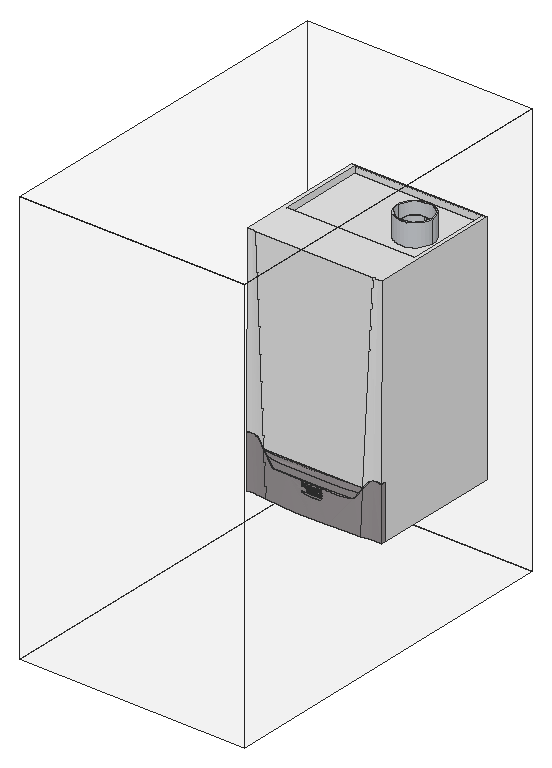
Revit family "Quinta Ace 135kW LOD 5", category Mechanical Equipment, Revit 2020
Family settings
  Round Connector Dimension = Use Radius
  Part Type = Normal
  OmniClass Number = 23.75.10.11.14.14
  OmniClass Title = Condensing Boilers
  Work Plane-Based = No
  Always vertical = Yes
  Cut with Voids When Loaded = No
  Shared = No
  Room Calculation Point = No
Parameters (values of type "135kW")
  Weekly = "0"
  Water Treatment Required = yes
  Water Content = 17.0 L
  Warranty ID = ""
  Voltage = 230 V
  Uniclass2015 = "Pr_60_60_08"
  URL = ""
  Type = "Space heating"
  Turndown Ratio = "5:1"
  Supply Phase = 1
  Starting Current = 0 A
  Sound Pressure Level = "59.5 dBA"
  Shipping Weight = 0.00 kg
  Shape = "Rectangular (Vertical)"
  Safety Valve Connection Type = ""
  Safety Valve Connection Size = 0 mm
  Responsible Sourcing of Materials = "N/A"
  Responsible Extraction of Materials = "N/A"
  Reference Standard = "EU/2016/426 GAR, EN 15502-1, EN 15502-2"
  Rated Output = 136100 W
  Rated Criteria = "50/30"
  Quarterly = "0"
  Product Range = "Quinta Ace 135"
  Product Model Number = "7780036"
  Product Literature = "https://www.remeha.co.uk/product-documents/current-literature"
  Primary Fuel = "Gas - NG"
  Overall Width = 600 mm
  Overall Length = 602 mm
  Overall Height = 1045 mm
  Optional Fuel = "Gas - LPG"
  Operation and Maintenance Manual = "https://www.remeha.co.uk/product-documents/current-literature"
  Oil Consumption rate = 0
  Nominal Oil Inlet Pressure = 0.0 bar
  Nominal Gas Inlet Pressure = 0.017 bar
  NOx Emissions = "24 mg/kWh"
  Mounting = "Wall Mounted"
  Monthly = "0"
  Model = ""
  Minimum Power Consumption = 5.3 W
  Minimum Operating Pressure = 0.8 bar
  Minimum Oil Inlet Pressure = 0.0 bar
  Minimum Gas Inlet Pressure = 0.017 bar
  Minimum Flow Rate at 20C temperature differential = 1.53 L/s
  Minimum Flow Rate at 11C temperature differential = 0.0 L/s
  Maximum Power Consumption = 199 W
  Maximum Operating Pressure = 4.0 bar
  Maximum Oil Inlet Pressure = 0.0 bar
  Maximum Gas Inlet Pressure = 0.025 bar
  Material Ingredient Reporting = "N/A"
  Manufacturer Website = "https://www.remeha.co.uk/"
  Manufacturer = "Remeha Commercial"
  Maintenance Required 8001 to 12000hrs = "0"
  Maintenance Required 601 to 1000hrs = "0"
  Maintenance Required 4001 to 8000hrs = "0"
  Maintenance Required 301 to 600hrs = "0"
  Maintenance Required 2001 to 4000hrs = "0"
  Maintenance Required 1001 to 2000hrs = "0"
  Maintenance Required 0 to 300hrs = "0"
  Location of Manufacturer = "N/A"
  Life Cycle Analysis = "N/A"
  Interlocks = yes
  IfcExportType = "NOTDEFINED"  # constant formula
  IfcExportAs = "IfcBoilerType"  # constant formula
  IP Rating = "X1B"
  IK Rating = "0"
  Hydraulic Resistance at 20C temperature differential = 0.17 bar
  Hydraulic Resistance at 11C temperature differential = 0.0 bar
  Heater Operation = "Condensing"
  Heat Exchanger Material = "Aluminium"
  Gross Weight = 164.00 kg
  Green Guide for Specification = "N/A"
  Gas Consumption rate = "13.9 m3/h"
  Fuse Rating = 6.3 A
  Full Load Current = 0 A
  Fuel Connection Type = "Threaded"
  Fuel Connection Size = 25 mm
  Frequency = 50 Hz
  Flue or Air Intake Classification = "B23p, C13, C33, C53"
  Flue Connection size = 100 mm
  Flow and Return Connection Type = "Threaded"
  Flow and Return Connection Size = 32 mm
  Finish = "High Polish Gardner 60 GRAD 91EH"
  Features = "The Quinta Ace range is a market leading series of versatile, wall hung condensing boilers designed for space heating and hot water production"
  External Material = "Steel"
  Expected Life = "15"
  ErP Seasonal Efficiency = "0 %"
  ErP Rated Efficiency at Part Load = "98.02 %"
  ErP Rated Efficiency at Full Load = "93.60 %"
  ErP Energy Label = "0"
  Environmental Product Declaration = "N/A"
  Energy Technology List = ""
  Embodied Carbon = "N/A"
  Drain Connection Type = ""
  Drain Connection Size = 0 mm
  Description = ""
  Default Elevation = 0 mm
  Daily = "0"
  Control Type = "0 - 10V, Open Therm, Volt free enable, Direct boiler weather compensating control systems available from Remeha as optional extra's."
  Configuration = "Single boiler"
  Condensate Drain Type = "Plain"
  Condensate Drain Size = 32 mm
  Colour = "RAL 9016"
  Clearance Box Visibility [instance] = yes
  Classification.Uniclass.Pr.Number = ""
  Classification.Uniclass.Pr.Description = ""
  CE Mark = "0063CQ3781"
  Burner Control Type = "Modulating"
  Building Regulations Seasonal Efficiency = "97.18 %"
  Bespoke Timeframe = "0"
  BMS Links = yes
  Annually = "06-02"
  Air Inlet Connection Size = 150 mm
  Additional Technical Details = "Not Available"
  Access Clearance Top = 500 mm
  Access Clearance Right = 30 mm
  Access Clearance Rear = 0 mm
  Access Clearance Left = 30 mm
  Access Clearance Front = 1000 mm
  Access Clearance Bottom = 300 mm
  6 Monthly = "06-02"
Reference planes
  plane 1 "Center (Front/Back)": y = 0
  plane 2: z = 0
  plane 3 "Center (Left/Right)": x = 0
  plane 4: y = -602
  plane 5: x = -300
  plane 6: x = 300
  plane 7 "TOP": z = 1045
  plane 8: y = -586.5
  plane 9: x = -212.5
  plane 10: x = 212.5
  plane 11: y = -585.8
  plane 12: x = -259
  plane 13: x = 259
  plane 14: y = -226
  plane 15: y = -139.143
  plane 16: y = -130.143
  plane 17: z = 100
  plane 18: y = -80
  plane 19: x = 190
  plane 20: x = 60
  plane 21: x = -125
  plane 22: z = -40
  plane 23: x = 0
  plane 24: z = 110
  plane 25: z = 1545
Forms (mm)
  Extrusion 1, solid, material "Color RGB 246-246-246", detail levels fine
    sketch origin (0, 0, 0) x (1, 0, 0) y (0, 1, 0)
      loop
        line (-300, -5) -> (-300, -602) -> (300, -602) -> (300, -5) -> (-300, -5)
    from 0 to 1045
  SweptBlend 2, void
    path origin (0, 0, 0) x (1, 0, 0) y (0, 0, 1)
      loop
        line (0, 0) -> (0, 1045)
    profile origin (0, 0, 0) x (-1, 0, 0) y (0, -1, 0)
      loop
        arc (212.5, 594.233) -> (256.046, 588.06) -> (300, 586.5) r 417.646
        line (300, 586.5) -> (310, 586.5) -> (310, 621.5) -> (-325, 621.5) -> (-325, 586.5) -> (-300, 586.5)
        arc (-300, 586.5) -> (-256.046, 588.06) -> (-212.5, 594.233) r 417.646
        arc (-212.5, 594.233) -> (0, 602) -> (212.5, 594.233) r 2910.976
    end profile origin (0, 0, 1045) x (-1, 0, 0) y (0, -1, 0)
      loop
        arc (259, 589.934) -> (279.376, 586.642) -> (300, 585.8) r 172.993
        line (300, 585.8) -> (310, 585.8) -> (310, 620.8) -> (-325, 620.8) -> (-325, 585.8) -> (-300, 585.8)
        arc (-300, 585.8) -> (-279.376, 586.642) -> (-259, 589.934) r 172.993
        arc (-259, 589.934) -> (0, 602) -> (259, 589.934) r 2785.878
  Extrusion 3, void
    sketch origin (0, 0, 0) x (1, 0, 0) y (0, 0, 1)
      loop
        line (0, 197.5) -> (-221.271, 197.5) -> (-242.845, 227.195)
        arc (-242.845, 227.195) -> (-251.721, 234.775) -> (-263.071, 237.5) r 25
        line (-263.071, 237.5) -> (-323.071, 237.5) -> (-323.071, -22.5) -> (0, -22.5) -> (323.071, -22.5) -> (323.071, 237.5) -> (263.071, 237.5)
        arc (263.071, 237.5) -> (251.721, 234.775) -> (242.845, 227.195) r 25
        line (242.845, 227.195) -> (221.271, 197.5) -> (0, 197.5)
    from 570.802 to 631.453
  Extrusion 4, solid, material "Color RGB 127-118-121", detail levels fine
    sketch origin (0, 0, 0) x (1, 0, 0) y (0, 0, 1)
      loop
        line (-263.071, 235.5) -> (-300, 235.5) -> (-300, 0) -> (300, 0) -> (300, 235.5) -> (263.071, 235.5)
        arc (263.071, 235.5) -> (252.629, 232.993) -> (244.464, 226.019) r 23
        line (244.464, 226.019) -> (186.185, 145.805)
        arc (186.185, 145.805) -> (177.309, 138.225) -> (165.959, 135.5) r 25
        line (165.959, 135.5) -> (0, 135.5) -> (-165.959, 135.5)
        arc (-165.959, 135.5) -> (-177.309, 138.225) -> (-186.185, 145.805) r 25
        line (-186.185, 145.805) -> (-244.464, 226.019)
        arc (-244.464, 226.019) -> (-252.629, 232.993) -> (-263.071, 235.5) r 23
      loop
        line (0, 195.5) -> (-219.818, 195.5) -> (-202.192, 171.24) -> (202.192, 171.24) -> (219.818, 195.5) -> (0, 195.5)
    from 570.802 to 613.181
  Extrusion 5, solid, material "Color RGB 127-118-121", detail levels fine
    sketch origin (0, 0, 0) x (1, 0, 0) y (0, 0, 1)
      loop
        arc (165.959, 137.5) -> (176.401, 140.007) -> (184.567, 146.981) r 23
        line (184.567, 146.981) -> (202.192, 171.24) -> (-202.192, 171.24) -> (-184.567, 146.981)
        arc (-184.567, 146.981) -> (-176.401, 140.007) -> (-165.959, 137.5) r 23
        line (-165.959, 137.5) -> (0, 137.5) -> (165.959, 137.5)
    from 578.899 to 594.851
  Extrusion 6, solid, material "Color RAL 9004", detail levels fine
    sketch origin (0, 0, 15) x (1, 0, 0) y (0, 0, 1)
      loop
        line (-45.689, 117.225) -> (-45.689, 115.733) -> (45.689, 115.733) -> (45.689, 117.225) -> (-45.689, 117.225)
      loop
        line (-45.689, 99.322) -> (45.689, 99.322) -> (45.689, 100.814) -> (-45.689, 100.814) -> (-45.689, 99.322)
      loop
        line (-42.232, 113.44) -> (-42.232, 102.409) -> (-31.039, 102.409) -> (-31.039, 106.738) -> (-28.425, 106.738)
        arc (-28.425, 106.738) -> (-27.322, 106.235) -> (-26.978, 105.073) r 1.461
        arc (-26.978, 105.073) -> (-26.978, 103.715) -> (-26.604, 102.409) r 4.881
        line (-26.604, 102.409) -> (-24.432, 102.409)
        arc (-24.432, 102.409) -> (-24.707, 103.981) -> (-24.792, 105.574) r 13.3
        arc (-24.792, 105.574) -> (-25.19, 106.864) -> (-26.258, 107.69) r 2.238
        arc (-26.258, 107.69) -> (-24.353, 110.991) -> (-27.272, 113.44) r 2.964
        line (-27.272, 113.44) -> (-31.039, 113.44) -> (-42.232, 113.44)
      loop
        line (-31.039, 111.54) -> (-31.039, 108.525) -> (-28.028, 108.525)
        arc (-28.028, 108.525) -> (-27.405, 108.752) -> (-27.074, 109.325) r 0.968
        arc (-27.074, 109.325) -> (-26.903, 110.083) -> (-27.092, 110.836) r 1.677
        arc (-27.092, 110.836) -> (-27.607, 111.351) -> (-28.311, 111.54) r 1.408
        line (-28.311, 111.54) -> (-31.039, 111.54)
      loop
        line (-40.203, 111.54) -> (-40.203, 104.458) -> (-33.123, 104.458) -> (-33.123, 111.54) -> (-40.203, 111.54)
      loop
        line (-13.528, 110.572) -> (-15.62, 110.572) -> (-15.62, 102.409) -> (-13.365, 102.409) -> (-13.365, 106.796)
        arc (-13.365, 106.796) -> (-12.951, 107.989) -> (-11.887, 108.669) r 1.926
        arc (-11.887, 108.669) -> (-11.126, 108.697) -> (-10.414, 108.427) r 1.926
        line (-10.414, 108.427) -> (-10.414, 110.774)
        arc (-10.414, 110.774) -> (-12.272, 110.526) -> (-13.528, 109.135) r 2.719
        line (-13.528, 109.135) -> (-13.528, 110.572)
      loop
        line (-7.667, 106.024) -> (-1.906, 106.024)
        arc (-1.906, 106.024) -> (-5.919, 110.761) -> (-9.79, 105.907) r 4.019
        arc (-9.79, 105.907) -> (-6.311, 102.274) -> (-2.08, 104.995) r 3.955
        line (-2.08, 104.995) -> (-4.034, 104.995)
        arc (-4.034, 104.995) -> (-6.302, 103.917) -> (-7.667, 106.024) r 1.904
      loop
        line (-7.679, 107.389) -> (-4.038, 107.389)
        arc (-4.038, 107.389) -> (-5.859, 109.21) -> (-7.679, 107.389) r 1.821
      loop
        line (1.995, 109.429) -> (1.995, 110.606) -> (-0.099, 110.606) -> (-0.099, 102.568) -> (2.082, 102.568) -> (2.082, 107.685)
        arc (2.082, 107.685) -> (3.516, 109.119) -> (4.95, 107.685) r 1.434
        line (4.95, 107.685) -> (4.95, 102.568) -> (7.133, 102.568) -> (7.133, 107.685)
        arc (7.133, 107.685) -> (8.538, 109.091) -> (9.943, 107.685) r 1.405
        line (9.943, 107.685) -> (9.943, 102.568) -> (12.094, 102.568) -> (12.094, 107.843)
        arc (12.094, 107.843) -> (12.13, 108.706) -> (11.801, 109.504) r 2.013
        arc (11.801, 109.504) -> (9.286, 110.82) -> (6.77, 109.504) r 3.062
        arc (6.77, 109.504) -> (4.361, 110.845) -> (1.995, 109.429) r 2.758
      loop
        line (16.165, 106.024) -> (21.927, 106.024)
        arc (21.927, 106.024) -> (17.914, 110.761) -> (14.043, 105.907) r 4.019
        arc (14.043, 105.907) -> (17.522, 102.274) -> (21.752, 104.995) r 3.955
        line (21.752, 104.995) -> (19.798, 104.995)
        arc (19.798, 104.995) -> (17.531, 103.917) -> (16.165, 106.024) r 1.904
      loop
        line (16.153, 107.389) -> (19.795, 107.389)
        arc (19.795, 107.389) -> (17.974, 109.21) -> (16.153, 107.389) r 1.821
      loop
        line (25.905, 113.632) -> (23.604, 113.632) -> (23.604, 102.61) -> (25.905, 102.61) -> (25.905, 107.389)
        arc (25.905, 107.389) -> (27.43, 109.266) -> (28.955, 107.389) r 1.558
        line (28.955, 107.389) -> (28.955, 102.61) -> (31.231, 102.61) -> (31.231, 108.077)
        arc (31.231, 108.077) -> (29.115, 110.834) -> (25.905, 109.504) r 2.854
        line (25.905, 109.504) -> (25.905, 113.632)
      loop
        line (33.183, 108.096) -> (35.391, 108.096)
        arc (35.391, 108.096) -> (35.631, 108.813) -> (36.269, 109.219) r 1.134
        arc (36.269, 109.219) -> (36.971, 109.332) -> (37.678, 109.25) r 2.595
        arc (37.678, 109.25) -> (38.3, 108.515) -> (37.815, 107.683) r 0.835
        arc (37.815, 107.683) -> (36.68, 107.319) -> (35.492, 107.231) r 5.066
        arc (35.492, 107.231) -> (34.329, 107) -> (33.404, 106.257) r 2.494
        arc (33.404, 106.257) -> (32.892, 104.606) -> (33.578, 103.018) r 2.494
        arc (33.578, 103.018) -> (34.993, 102.453) -> (36.517, 102.43) r 4.203
        arc (36.517, 102.43) -> (37.635, 102.802) -> (38.301, 103.774) r 1.849
        arc (38.301, 103.774) -> (38.375, 103.174) -> (38.552, 102.595) r 3.473
        line (38.552, 102.595) -> (40.746, 102.595)
        arc (40.746, 102.595) -> (40.502, 103.404) -> (40.42, 104.244) r 4.328
        line (40.42, 104.244) -> (40.42, 108.804)
        arc (40.42, 108.804) -> (39.887, 110.09) -> (38.601, 110.622) r 1.818
        arc (38.601, 110.622) -> (36.959, 110.806) -> (35.316, 110.622) r 7.451
        arc (35.316, 110.622) -> (33.826, 109.717) -> (33.183, 108.096) r 2.74
      loop
        arc (35.172, 105.313) -> (35.183, 104.593) -> (35.638, 104.034) r 1.099
        arc (35.638, 104.034) -> (36.384, 103.86) -> (37.141, 103.983) r 1.976
        arc (37.141, 103.983) -> (37.944, 104.606) -> (38.248, 105.576) r 1.7
        line (38.248, 105.576) -> (38.248, 106.748)
        arc (38.248, 106.748) -> (37.61, 106.256) -> (36.808, 106.167) r 1.491
        arc (36.808, 106.167) -> (35.848, 106.013) -> (35.172, 105.313) r 1.536
      loop
        arc (-20.742, 93.628) -> (-21.553, 93.292) -> (-21.89, 92.48) r 1.148
        line (-21.89, 92.48) -> (-21.89, 87.317)
        arc (-21.89, 87.317) -> (-21.553, 86.505) -> (-20.742, 86.169) r 1.148
        line (-20.742, 86.169) -> (-16.122, 86.169) -> (-15.083, 84.278) -> (-13.568, 85.111) -> (-14.321, 86.48) -> (-14.321, 92.48)
        arc (-14.321, 92.48) -> (-14.657, 93.292) -> (-15.469, 93.628) r 1.148
        line (-15.469, 93.628) -> (-20.742, 93.628)
      loop
        arc (-19.37, 92.343) -> (-20.182, 92.007) -> (-20.518, 91.195) r 1.148
        line (-20.518, 91.195) -> (-20.518, 88.702)
        arc (-20.518, 88.702) -> (-20.182, 87.891) -> (-19.37, 87.554) r 1.148
        line (-19.37, 87.554) -> (-16.878, 87.554)
        arc (-16.878, 87.554) -> (-16.067, 87.891) -> (-15.73, 88.702) r 1.148
        line (-15.73, 88.702) -> (-15.73, 91.195)
        arc (-15.73, 91.195) -> (-16.067, 92.007) -> (-16.878, 92.343) r 1.148
        line (-16.878, 92.343) -> (-19.37, 92.343)
      loop
        arc (-13.68, 87.317) -> (-13.344, 86.505) -> (-12.532, 86.169) r 1.148
        line (-12.532, 86.169) -> (-6.652, 86.169)
        arc (-6.652, 86.169) -> (-5.841, 86.505) -> (-5.504, 87.317) r 1.148
        line (-5.504, 87.317) -> (-5.504, 93.628) -> (-7.277, 93.628) -> (-7.277, 88.702)
        arc (-7.277, 88.702) -> (-7.613, 87.891) -> (-8.425, 87.554) r 1.148
        line (-8.425, 87.554) -> (-10.759, 87.554)
        arc (-10.759, 87.554) -> (-11.571, 87.891) -> (-11.907, 88.702) r 1.148
        line (-11.907, 88.702) -> (-11.907, 93.628) -> (-13.68, 93.628) -> (-13.68, 87.317)
      loop
        line (-0.558, 93.361) -> (-0.558, 86.48) -> (1.017, 86.48) -> (1.017, 91.639) -> (3.423, 86.48) -> (5.75, 86.48) -> (5.75, 93.361) -> (4.175, 93.361) -> (4.175, 88.202) -> (1.769, 93.361) -> (-0.558, 93.361)
      loop
        line (11.539, 91.718) -> (14.274, 91.718) -> (14.274, 93.361) -> (7.079, 93.361) -> (7.079, 91.718) -> (9.814, 91.718) -> (9.814, 86.48) -> (11.539, 86.48) -> (11.539, 91.718)
      loop
        line (17.19, 93.361) -> (13.465, 86.48) -> (15.783, 86.48) -> (16.53, 87.891) -> (20.624, 87.891) -> (21.371, 86.48) -> (23.881, 86.48) -> (19.937, 93.361) -> (17.19, 93.361)
      loop
        line (18.558, 91.764) -> (17.228, 89.18) -> (19.927, 89.18) -> (18.558, 91.764)
      loop
        line (-2.18, 93.628) -> (-3.953, 93.628) -> (-3.953, 86.169) -> (-2.18, 86.169) -> (-2.18, 93.628)
      loop
        line (29.989, 92.639) -> (26.759, 86.672) -> (28.769, 86.672) -> (29.539, 88.166) -> (32.156, 88.166) -> (32.925, 86.672) -> (34.865, 86.672) -> (31.705, 92.639) -> (29.989, 92.639)
      loop
        line (30.847, 91.255) -> (29.779, 89.18) -> (31.946, 89.18) -> (30.847, 91.255)
      loop
        line (39.369, 90.934) -> (39.369, 92.639) -> (37.663, 92.639)
        arc (37.663, 92.639) -> (34.679, 89.656) -> (37.663, 86.672) r 2.984
        line (37.663, 86.672) -> (39.369, 86.672) -> (39.369, 88.378) -> (37.646, 88.378)
        arc (37.646, 88.378) -> (36.368, 89.656) -> (37.646, 90.934) r 1.278
        line (37.646, 90.934) -> (39.369, 90.934)
      loop
        line (40.964, 92.639) -> (40.964, 86.672) -> (43.948, 86.672) -> (43.948, 87.865) -> (42.157, 87.865) -> (42.157, 89.059) -> (43.948, 89.059) -> (43.948, 90.252) -> (42.157, 90.252) -> (42.157, 91.446) -> (43.948, 91.446) -> (43.948, 92.639) -> (40.964, 92.639)
    from 600.389 to 603.257
  Extrusion 7, void
    sketch origin (0, 0, 0) x (1, 0, 0) y (0, 0, 1)
      loop
        line (50, 96.667) -> (-50, 96.667) -> (-37.835, 84.502) -> (37.835, 84.502) -> (50, 96.667)
    from 598.454 to 608.186
  Extrusion 8, void
    sketch origin (0, -5, 0) x (1, 0, 0) y (0, 1, 0)
      loop
        line (284, -2.5) -> (-284, -2.5) -> (-284, -383) -> (284, -383) -> (284, -2.5)
    from 1015 to 1075.078
  Extrusion 9, solid, material "Color RGB 127-118-121", detail levels fine
    sketch origin (0, 0, 0) x (0, 1, 0) y (0, 0, 1)
      loop
        line (-5, 1035.5) -> (-5, 1010.5) -> (-2, 1010.5) -> (-2, 989.5) -> (0, 989.5) -> (0, 1012.5) -> (-3, 1012.5) -> (-3, 1035.5) -> (-5, 1035.5)
    from -270 to 270
  Extrusion 10, void
    sketch origin (0, 0, 0) x (1, 0, 0) y (0, 0, 1)
      loop
        line (233.5, 1005) -> (233.5, 998)
        arc (233.5, 998) -> (236, 995.5) -> (238.5, 998) r 2.5
        line (238.5, 998) -> (238.5, 1005)
        arc (238.5, 1005) -> (236, 1007.5) -> (233.5, 1005) r 2.5
      loop
        line (17.5, 1005) -> (17.5, 998)
        arc (17.5, 998) -> (20, 995.5) -> (22.5, 998) r 2.5
        line (22.5, 998) -> (22.5, 1005)
        arc (22.5, 1005) -> (20, 1007.5) -> (17.5, 1005) r 2.5
      loop
        arc (-233.5, 1005) -> (-236, 1007.5) -> (-238.5, 1005) r 2.5
        line (-238.5, 1005) -> (-238.5, 998)
        arc (-238.5, 998) -> (-236, 995.5) -> (-233.5, 998) r 2.5
        line (-233.5, 998) -> (-233.5, 1005)
      loop
        arc (-17.5, 1005) -> (-20, 1007.5) -> (-22.5, 1005) r 2.5
        line (-22.5, 1005) -> (-22.5, 998)
        arc (-22.5, 998) -> (-20, 995.5) -> (-17.5, 998) r 2.5
        line (-17.5, 998) -> (-17.5, 1005)
    from -6.013 to 3.638
  Revolve 11, solid, material "Color RGB 127-118-121", detail levels fine
    sketch origin (157, 155.443, 1200) x (0, 1, 0) y (0, 0, 1)
      loop
        line (-310.315, -164.038) -> (-307.066, -172.965) -> (-281, -163.478) -> (-285.618, -150.792) -> (-295.954, -154.554) -> (-294.586, -158.313) -> (-310.315, -164.038)
      axis (-307.066, -172.965) -> (-281, -163.478)
    angle from 0 to 360
  Extrusion 12, void
    sketch origin (0, 0, 0) x (1, 0, 0) y (0, 1, 0)
      loop
        line (-242, -24) -> (-242, -543) -> (242, -543) -> (242, -24) -> (-242, -24)
    from -10.86 to 100
  Extrusion 13, solid, material "Color RGB 246-246-246", detail levels fine
    sketch origin (0, 0, 0) x (1, 0, 0) y (0, 1, 0)
      loop
        circle (190, -80) r 12.5
      loop
        circle (60, -80) r 16
      loop
        circle (-125, -80) r 16
      loop
        circle (0, -80) r 16
    from -40 to 110
  Extrusion 14, solid, detail levels coarse+medium
    sketch origin (-148, 155.443, 1200) x (0, 1, 0) y (0, 0, 1)
      loop
        line (-158.443, -187.5) -> (-158.443, -164.5) -> (-160.443, -164.5) -> (-160.443, -189.5) -> (-157.443, -189.5) -> (-157.443, -210.5) -> (-155.443, -210.5) -> (-155.443, -187.5) -> (-158.443, -187.5)
    from -122 to 418
  Extrusion 15, void
    sketch origin (0, 0, 0) x (1, 0, 0) y (0, 1, 0)
      loop
        circle (190, -80) r 30
      loop
        circle (60, -80) r 30
      loop
        circle (-125, -80) r 55.25
    from 100 to 110
  Extrusion 16, solid
    sketch origin (0, 0, 0) x (1, 0, 0) y (0, 1, 0)
      loop
        circle (157, -226) r 80
      loop
        circle (157, -226) r 75
    from 1015 to 1112.631
  Extrusion 17, solid, material "Glass - Clear - Amber", visible <- "Clearance Box Visibility"
    sketch origin (0, 0, 0) x (0, 1, 0) y (0, 0, 1)
      loop
        line (0, 1545) -> (-1600, 1545) -> (-1600, -300) -> (0, -300) -> (0, 1545)
    from -500 to 500
  Extrusion 18, solid
    sketch origin (0, 0, 1045) x (0, 1, 0) y (-1, 0, 0)
      loop
        circle (-226, -157) r 50
      loop
        circle (-226, -157) r 55
    from 0 to 25
Cuts and joins
  SweptBlend 2, Extrusion 3, Extrusion 8, Extrusion 12, Extrusion 15 cuts Extrusion 1
  SweptBlend 2, Extrusion 7 cuts Extrusion 4
  joined: Extrusion 4, Extrusion 5
  Extrusion 10 cuts Extrusion 9
Dimensions and locks
  plane 4 to plane 1 "Center (Front/Back)" = 602 mm
  plane 5 to plane 6 = 600 mm
  equal spacing: plane 5, plane 3 "Center (Left/Right)", plane 6
  plane 7 "TOP" to level = 1045 mm
  radius of Extrusion 13 sketch curve = 12.5 mm
  radius of Extrusion 13 sketch curve = 16 mm  (x2)
  aligned and locked: level to plane 2
  aligned and locked: Extrusion 13 to plane 22
  aligned and locked: plane 24 to Extrusion 13
  aligned and locked: plane 17 to Extrusion 12
Automatic sketch dimensions
  Extrusion 1 sketch curve to plane 4 = 0 mm
  Extrusion 1 sketch curve to plane 5 = 0 mm
  Extrusion 1 sketch curve to plane 6 = 0 mm
  plane 1 "Center (Front/Back)" to Extrusion 1 sketch curve = 5 mm
  SweptBlend 2 sketch curve to plane 3 "Center (Left/Right)" = 0 mm
  SweptBlend 2 sketch curve to level = 0 mm
  plane 7 "TOP" to SweptBlend 2 sketch curve = 0 mm
  SweptBlend 2 sketch curve to plane 8 = 0 mm  (x2)
  SweptBlend 2 sketch curve to plane 10 = 0 mm
  SweptBlend 2 sketch curve to profile plane = 0 mm  (x2)
  SweptBlend 2 sketch curve to plane 9 = 0 mm
  SweptBlend 2 sketch curve to plane 10 = 80.315 mm
  SweptBlend 2 sketch curve to plane 8 = 35 mm
  SweptBlend 2 sketch curve to plane 10 = 112.5 mm
  SweptBlend 2 sketch curve to plane 9 = 80.315 mm
  SweptBlend 2 sketch curve to plane 9 = 87.5 mm
  SweptBlend 2 sketch curve to SweptBlend 2 sketch curve = 10 mm
  SweptBlend 2 sketch curve to plane 1 "Center (Front/Back)" = 2308.976 mm
  SweptBlend 2 sketch curve to SweptBlend 2 sketch curve = 382.585 mm  (x2)
  SweptBlend 2 sketch curve to plane 11 = 0 mm  (x2)
  SweptBlend 2 sketch curve to plane 13 = 0 mm
  SweptBlend 2 sketch curve to plane 12 = 0 mm
  SweptBlend 2 sketch curve to plane 13 = 37.733 mm
  SweptBlend 2 sketch curve to plane 13 = 41 mm
  SweptBlend 2 sketch curve to SweptBlend 2 sketch curve = 25 mm
  SweptBlend 2 sketch curve to plane 12 = 37.733 mm
  SweptBlend 2 sketch curve to plane 12 = 51 mm
  SweptBlend 2 sketch curve to plane 1 "Center (Front/Back)" = 2183.878 mm
  SweptBlend 2 sketch curve to plane 11 = 35 mm
  SweptBlend 2 sketch curve to SweptBlend 2 sketch curve = 137.963 mm  (x2)
  Extrusion 3 sketch curve to plane 3 "Center (Left/Right)" = 0 mm  (x2)
  plane 5 to Extrusion 3 sketch curve = 78.729 mm
  Extrusion 3 sketch curve to Extrusion 3 sketch curve = 21.574 mm  (x2)
  Extrusion 3 sketch curve to Extrusion 3 sketch curve = 20.225 mm  (x2)
  Extrusion 3 sketch curve to plane 5 = 23.071 mm
  Extrusion 3 sketch curve to plane 6 = 78.729 mm
  plane 6 to Extrusion 3 sketch curve = 23.071 mm
  Extrusion 3 sketch curve to level = 22.5 mm
  level to Extrusion 3 sketch curve = 197.5 mm
  Extrusion 3 sketch curve to Extrusion 3 sketch curve = 15 mm  (x2)
  Extrusion 3 sketch curve to Extrusion 3 sketch curve = 14.695 mm  (x2)
  Extrusion 4 sketch curve to plane 5 = 0 mm
  Extrusion 4 sketch curve to plane 3 "Center (Left/Right)" = 0 mm  (x2)
  Extrusion 4 sketch curve to level = 0 mm
  Extrusion 4 sketch curve to plane 6 = 0 mm
  plane 5 to Extrusion 4 sketch curve = 36.929 mm
  Extrusion 4 sketch curve to Extrusion 4 sketch curve = 18.607 mm  (x2)
  Extrusion 4 sketch curve to Extrusion 4 sketch curve = 24.646 mm  (x2)
  Extrusion 4 sketch curve to Extrusion 4 sketch curve = 17.626 mm  (x2)
  Extrusion 4 sketch curve to Extrusion 4 sketch curve = 16.008 mm
  Extrusion 4 sketch curve to Extrusion 4 sketch curve = 20.225 mm  (x2)
  Extrusion 4 sketch curve to plane 6 = 134.041 mm
  Extrusion 4 sketch curve to Extrusion 4 sketch curve = 33.633 mm
  level to Extrusion 4 sketch curve = 135.5 mm
  Extrusion 4 sketch curve to Extrusion 4 sketch curve = 10.305 mm  (x2)
  Extrusion 4 sketch curve to Extrusion 4 sketch curve = 25.435 mm
  Extrusion 4 sketch curve to Extrusion 4 sketch curve = 24.26 mm
  Extrusion 4 sketch curve to Extrusion 4 sketch curve = 17 mm  (x2)
  Extrusion 4 sketch curve to Extrusion 4 sketch curve = 13.519 mm  (x2)
  Extrusion 5 sketch curve to plane 3 "Center (Left/Right)" = 0 mm
  plane 5 to Extrusion 5 sketch curve = 134.041 mm
  Extrusion 5 sketch curve to Extrusion 5 sketch curve = 18.607 mm  (x2)
  Extrusion 5 sketch curve to Extrusion 5 sketch curve = 17.626 mm  (x2)
  Extrusion 5 sketch curve to plane 6 = 134.041 mm
  level to Extrusion 5 sketch curve = 137.5 mm
  Extrusion 5 sketch curve to Extrusion 5 sketch curve = 9.481 mm
  Extrusion 5 sketch curve to Extrusion 5 sketch curve = 23 mm
  Extrusion 5 sketch curve to Extrusion 5 sketch curve = 24.26 mm
  Extrusion 7 sketch curve to plane 3 "Center (Left/Right)" = 50 mm
  Extrusion 7 sketch curve to Extrusion 7 sketch curve = 12.165 mm  (x3)
  plane 3 "Center (Left/Right)" to Extrusion 7 sketch curve = 50 mm
  level to Extrusion 7 sketch curve = 84.502 mm
  Extrusion 8 sketch curve to plane 6 = 16 mm
  plane 5 to Extrusion 8 sketch curve = 16 mm
  plane 1 "Center (Front/Back)" to Extrusion 8 sketch curve = 7.5 mm
  Extrusion 8 sketch curve to plane 14 = 162 mm
  Extrusion 9 sketch curve to plane 1 "Center (Front/Back)" = 0 mm
  plane 1 "Center (Front/Back)" to Extrusion 9 sketch curve = 2 mm
  plane 1 "Center (Front/Back)" to Extrusion 9 sketch curve = 3 mm
  Extrusion 9 sketch curve to Extrusion 9 sketch curve = 2 mm  (x2)
  Extrusion 9 sketch curve to plane 7 "TOP" = 55.5 mm
  Extrusion 9 sketch curve to Extrusion 9 sketch curve = 23 mm
  Extrusion 9 sketch curve to plane 7 "TOP" = 9.5 mm
  plane 5 to Extrusion 10 sketch curve = 61.5 mm
  Extrusion 10 sketch curve to Extrusion 10 sketch curve = 2.5 mm  (x4)
  Extrusion 10 sketch curve to plane 3 "Center (Left/Right)" = 22.5 mm
  plane 3 "Center (Left/Right)" to Extrusion 10 sketch curve = 17.5 mm
  Extrusion 10 sketch curve to plane 6 = 66.5 mm
  Extrusion 10 sketch curve to plane 7 "TOP" = 47 mm  (x3)
  Extrusion 10 sketch curve to Extrusion 10 sketch curve = 0 mm
  Extrusion 10 sketch curve to Extrusion 10 sketch curve = 7 mm  (x4)
  Revolve 11 sketch curve to plane 15 = 0 mm
  plane 7 "TOP" to Revolve 11 sketch curve = 0.446 mm
  plane 15 to Revolve 11 sketch curve = 1.368 mm
  plane 15 to Revolve 11 sketch curve = 12.48 mm
  Revolve 11 sketch curve to plane 7 "TOP" = 9.038 mm
  Revolve 11 sketch curve to Revolve 11 sketch curve = 3.249 mm
  plane 16 to Revolve 11 sketch curve = 0.031 mm
  Revolve 11 sketch curve to Revolve 11 sketch curve = 5.159 mm
  Revolve 11 sketch curve to plane 16 = 1.552 mm
  Revolve 11 sketch curve to Revolve 11 sketch curve = 1.878 mm
  Revolve 11 sketch curve to Revolve 11 sketch curve = 1.104 mm
  plane 5 to Extrusion 12 sketch curve = 58 mm
  Extrusion 12 sketch curve to plane 6 = 58 mm
  plane 4 to Extrusion 12 sketch curve = 59 mm
  plane 1 "Center (Front/Back)" to Extrusion 12 sketch curve = 24 mm
  Extrusion 14 sketch curve to plane 1 "Center (Front/Back)" = 0 mm
  plane 1 "Center (Front/Back)" to Extrusion 14 sketch curve = 2 mm
  plane 1 "Center (Front/Back)" to Extrusion 14 sketch curve = 3 mm
  Extrusion 14 sketch curve to Extrusion 14 sketch curve = 2 mm  (x2)
  Extrusion 14 sketch curve to plane 7 "TOP" = 55.5 mm
  Extrusion 14 sketch curve to Extrusion 14 sketch curve = 21 mm
  Extrusion 14 sketch curve to plane 7 "TOP" = 9.5 mm
  plane 18 to Extrusion 15 sketch curve = 0 mm  (x3)
  Extrusion 15 sketch curve to plane 21 = 0 mm
  Extrusion 15 sketch curve to plane 20 = 0 mm
  Extrusion 15 sketch curve to plane 19 = 0 mm
  Extrusion 16 sketch curve to Extrusion 16 sketch curve = 0 mm  (x2)
  Extrusion 16 sketch curve to plane 14 = 0 mm
  Extrusion 16 sketch curve to plane 19 = 33 mm
  plane 18 to Extrusion 13 sketch curve = 0 mm  (x4)
  Extrusion 13 sketch curve to plane 21 = 0 mm
  Extrusion 13 sketch curve to plane 3 "Center (Left/Right)" = 0 mm
  Extrusion 13 sketch curve to plane 20 = 0 mm
  Extrusion 13 sketch curve to plane 19 = 0 mm
  Extrusion 17 sketch curve to level = 300 mm
  plane 25 to Extrusion 17 sketch curve = 0 mm
  Extrusion 17 sketch curve to plane 4 = 998 mm
  Extrusion 17 sketch curve to plane 1 "Center (Front/Back)" = 0 mm
  Extrusion 18 sketch curve to Extrusion 18 sketch curve = 0 mm  (x2)
  Extrusion 18 sketch curve to plane 14 = 0 mm
  Extrusion 18 sketch curve to plane 19 = 33 mm
  Extrusion 6 sketch curve to Extrusion 6 sketch curve = 0 mm  (x25)
  Extrusion 6 sketch curve to plane 3 "Center (Left/Right)" = 45.689 mm
  Extrusion 6 sketch curve to Extrusion 6 sketch curve = 3.457 mm
  Extrusion 6 sketch curve to Extrusion 6 sketch curve = 2.028 mm
  Extrusion 6 sketch curve to Extrusion 6 sketch curve = 7.08 mm
  Extrusion 6 sketch curve to Extrusion 6 sketch curve = 2.084 mm  (x2)
  Extrusion 6 sketch curve to Extrusion 6 sketch curve = 2.459 mm
  Extrusion 6 sketch curve to Extrusion 6 sketch curve = 2.614 mm
  Extrusion 6 sketch curve to Extrusion 6 sketch curve = 0.269 mm
  Extrusion 6 sketch curve to Extrusion 6 sketch curve = 0.283 mm
  Extrusion 6 sketch curve to Extrusion 6 sketch curve = 1.039 mm  (x2)
  Extrusion 6 sketch curve to Extrusion 6 sketch curve = 1.395 mm
  Extrusion 6 sketch curve to Extrusion 6 sketch curve = 0.426 mm
  Extrusion 6 sketch curve to Extrusion 6 sketch curve = 2.172 mm
  Extrusion 6 sketch curve to Extrusion 6 sketch curve = 2.287 mm
  Extrusion 6 sketch curve to plane 24 = 7.683 mm
  Extrusion 6 sketch curve to Extrusion 6 sketch curve = 2.542 mm
  Extrusion 6 sketch curve to Extrusion 6 sketch curve = 1.148 mm  (x5)
  Extrusion 6 sketch curve to Extrusion 6 sketch curve = 0.224 mm
  Extrusion 6 sketch curve to Extrusion 6 sketch curve = 1.372 mm  (x2)
  Extrusion 6 sketch curve to Extrusion 6 sketch curve = 2.491 mm
  Extrusion 6 sketch curve to Extrusion 6 sketch curve = 2.492 mm  (x2)
  Extrusion 6 sketch curve to Extrusion 6 sketch curve = 0.756 mm
  Extrusion 6 sketch curve to Extrusion 6 sketch curve = 6.525 mm
  Extrusion 6 sketch curve to Extrusion 6 sketch curve = 0.261 mm
  Extrusion 6 sketch curve to plane 24 = 10.722 mm
  Extrusion 6 sketch curve to plane 24 = 8.52 mm  (x4)
  Extrusion 6 sketch curve to Extrusion 6 sketch curve = 1.801 mm
  Extrusion 6 sketch curve to Extrusion 6 sketch curve = 0.641 mm
  Extrusion 6 sketch curve to Extrusion 6 sketch curve = 2.092 mm
  Extrusion 6 sketch curve to Extrusion 6 sketch curve = 2.255 mm
  Extrusion 6 sketch curve to Extrusion 6 sketch curve = 1.036 mm
  Extrusion 6 sketch curve to Extrusion 6 sketch curve = 0.625 mm  (x2)
  Extrusion 6 sketch curve to Extrusion 6 sketch curve = 1.873 mm
  Extrusion 6 sketch curve to Extrusion 6 sketch curve = 0.054 mm
  Extrusion 6 sketch curve to Extrusion 6 sketch curve = 0.433 mm
  Extrusion 6 sketch curve to Extrusion 6 sketch curve = 0.591 mm
  Extrusion 6 sketch curve to Extrusion 6 sketch curve = 2.334 mm
  Extrusion 6 sketch curve to Extrusion 6 sketch curve = 2.735 mm
  Extrusion 6 sketch curve to Extrusion 6 sketch curve = 0.012 mm  (x2)
  Extrusion 6 sketch curve to Extrusion 6 sketch curve = 4.63 mm
  Extrusion 6 sketch curve to Extrusion 6 sketch curve = 1.82 mm  (x2)
  Extrusion 6 sketch curve to Extrusion 6 sketch curve = 0.001 mm  (x2)
  Extrusion 6 sketch curve to Extrusion 6 sketch curve = 0.013 mm  (x2)
  Extrusion 6 sketch curve to Extrusion 6 sketch curve = 0.064 mm  (x2)
  Extrusion 6 sketch curve to Extrusion 6 sketch curve = 1.773 mm  (x2)
  Extrusion 6 sketch curve to Extrusion 6 sketch curve = 1.749 mm  (x2)
  Extrusion 6 sketch curve to Extrusion 6 sketch curve = 1.551 mm
  Extrusion 6 sketch curve to Extrusion 6 sketch curve = 1.954 mm  (x2)
  Extrusion 6 sketch curve to Extrusion 6 sketch curve = 0.175 mm  (x2)
  Extrusion 6 sketch curve to plane 3 "Center (Left/Right)" = 0.558 mm
  Extrusion 6 sketch curve to plane 3 "Center (Left/Right)" = 0.099 mm
  plane 3 "Center (Left/Right)" to Extrusion 6 sketch curve = 1.017 mm
  plane 3 "Center (Left/Right)" to Extrusion 6 sketch curve = 1.769 mm
  plane 3 "Center (Left/Right)" to Extrusion 6 sketch curve = 1.995 mm
  plane 3 "Center (Left/Right)" to Extrusion 6 sketch curve = 2.082 mm
  Extrusion 6 sketch curve to Extrusion 6 sketch curve = 2.406 mm
  Extrusion 6 sketch curve to Extrusion 6 sketch curve = 1.434 mm
  Extrusion 6 sketch curve to Extrusion 6 sketch curve = 0.752 mm
  Extrusion 6 sketch curve to Extrusion 6 sketch curve = 0.545 mm
  Extrusion 6 sketch curve to Extrusion 6 sketch curve = 1.575 mm
  Extrusion 6 sketch curve to Extrusion 6 sketch curve = 1.328 mm
  Extrusion 6 sketch curve to Extrusion 6 sketch curve = 2.183 mm
  Extrusion 6 sketch curve to Extrusion 6 sketch curve = 1.405 mm
  Extrusion 6 sketch curve to Extrusion 6 sketch curve = 0.657 mm
  Extrusion 6 sketch curve to Extrusion 6 sketch curve = 2.736 mm  (x2)
  Extrusion 6 sketch curve to Extrusion 6 sketch curve = 0.205 mm
  Extrusion 6 sketch curve to Extrusion 6 sketch curve = 1.725 mm
  Extrusion 6 sketch curve to Extrusion 6 sketch curve = 1.946 mm
  Extrusion 6 sketch curve to Extrusion 6 sketch curve = 1.926 mm
  Extrusion 6 sketch curve to Extrusion 6 sketch curve = 2.318 mm
  Extrusion 6 sketch curve to Extrusion 6 sketch curve = 4.059 mm
  Extrusion 6 sketch curve to Extrusion 6 sketch curve = 0.747 mm  (x2)
  Extrusion 6 sketch curve to Extrusion 6 sketch curve = 2.916 mm
  Extrusion 6 sketch curve to Extrusion 6 sketch curve = 0.698 mm  (x2)
  Extrusion 6 sketch curve to plane 24 = 3.236 mm
  Extrusion 6 sketch curve to Extrusion 6 sketch curve = 1.369 mm
  Extrusion 6 sketch curve to Extrusion 6 sketch curve = 2.699 mm
  Extrusion 6 sketch curve to Extrusion 6 sketch curve = 1.378 mm
  Extrusion 6 sketch curve to Extrusion 6 sketch curve = 3.809 mm
  Extrusion 6 sketch curve to Extrusion 6 sketch curve = 2.51 mm
  Extrusion 6 sketch curve to Extrusion 6 sketch curve = 2.301 mm  (x2)
  Extrusion 6 sketch curve to Extrusion 6 sketch curve = 2.878 mm
  Extrusion 6 sketch curve to Extrusion 6 sketch curve = 1.525 mm
  Extrusion 6 sketch curve to Extrusion 6 sketch curve = 0.947 mm
  Extrusion 6 sketch curve to Extrusion 6 sketch curve = 2.011 mm
  Extrusion 6 sketch curve to Extrusion 6 sketch curve = 0.578 mm
  Extrusion 6 sketch curve to Extrusion 6 sketch curve = 0.769 mm  (x2)
  Extrusion 6 sketch curve to Extrusion 6 sketch curve = 0.24 mm
  Extrusion 6 sketch curve to Extrusion 6 sketch curve = 0.211 mm  (x2)
  Extrusion 6 sketch curve to plane 24 = 3.745 mm
  Extrusion 6 sketch curve to Extrusion 6 sketch curve = 0.858 mm  (x2)
  Extrusion 6 sketch curve to Extrusion 6 sketch curve = 2.276 mm
  Extrusion 6 sketch curve to plane 24 = 2.361 mm
  Extrusion 6 sketch curve to plane 24 = 5.82 mm
  Extrusion 6 sketch curve to Extrusion 6 sketch curve = 2.167 mm
  Extrusion 6 sketch curve to plane 24 = 6.834 mm
  Extrusion 6 sketch curve to Extrusion 6 sketch curve = 0.21 mm
  Extrusion 6 sketch curve to plane 24 = 8.328 mm  (x2)
  Extrusion 6 sketch curve to Extrusion 6 sketch curve = 1.953 mm
  Extrusion 6 sketch curve to Extrusion 6 sketch curve = 1.939 mm
  Extrusion 6 sketch curve to Extrusion 6 sketch curve = 2.199 mm
  Extrusion 6 sketch curve to Extrusion 6 sketch curve = 2.207 mm
  Extrusion 6 sketch curve to Extrusion 6 sketch curve = 0.323 mm
  Extrusion 6 sketch curve to Extrusion 6 sketch curve = 0.427 mm
  Extrusion 6 sketch curve to Extrusion 6 sketch curve = 0.529 mm
  Extrusion 6 sketch curve to Extrusion 6 sketch curve = 0.833 mm
  Extrusion 6 sketch curve to Extrusion 6 sketch curve = 0.236 mm
  Extrusion 6 sketch curve to Extrusion 6 sketch curve = 0.306 mm
  Extrusion 6 sketch curve to Extrusion 6 sketch curve = 0.605 mm
  Extrusion 6 sketch curve to Extrusion 6 sketch curve = 0.096 mm
  Extrusion 6 sketch curve to Extrusion 6 sketch curve = 0.036 mm
  Extrusion 6 sketch curve to Extrusion 6 sketch curve = 0.437 mm
  Extrusion 6 sketch curve to Extrusion 6 sketch curve = 0.576 mm
  Extrusion 6 sketch curve to Extrusion 6 sketch curve = 0.526 mm
  Extrusion 6 sketch curve to Extrusion 6 sketch curve = 0.418 mm
  Extrusion 6 sketch curve to Extrusion 6 sketch curve = 2.781 mm
  Extrusion 6 sketch curve to Extrusion 6 sketch curve = 0.017 mm
  Extrusion 6 sketch curve to Extrusion 6 sketch curve = 1.22 mm
  Extrusion 6 sketch curve to Extrusion 6 sketch curve = 1.593 mm
  Extrusion 6 sketch curve to Extrusion 6 sketch curve = 1.133 mm
  Extrusion 6 sketch curve to Extrusion 6 sketch curve = 1.706 mm  (x3)
  Extrusion 6 sketch curve to Extrusion 6 sketch curve = 1.818 mm
  Extrusion 6 sketch curve to Extrusion 6 sketch curve = 0.327 mm
  Extrusion 6 sketch curve to Extrusion 6 sketch curve = 1.595 mm
  Extrusion 6 sketch curve to Extrusion 6 sketch curve = 1.352 mm
  Extrusion 6 sketch curve to Extrusion 6 sketch curve = 1.194 mm  (x5)
  Extrusion 6 sketch curve to Extrusion 6 sketch curve = 1.79 mm  (x2)
  Extrusion 6 sketch curve to Extrusion 6 sketch curve = 2.976 mm
  Extrusion 6 sketch curve to Extrusion 6 sketch curve = 5.269 mm
  Extrusion 6 sketch curve to Extrusion 6 sketch curve = 0.941 mm
  Extrusion 6 sketch curve to Extrusion 6 sketch curve = 1.058 mm
  Extrusion 6 sketch curve to plane 24 = 8.831 mm
  Extrusion 6 sketch curve to Extrusion 6 sketch curve = 0.192 mm
  Extrusion 6 sketch curve to Extrusion 6 sketch curve = 0.238 mm  (x2)
  Extrusion 6 sketch curve to Extrusion 6 sketch curve = 1.411 mm
  Extrusion 6 sketch curve to Extrusion 6 sketch curve = 1.722 mm  (x2)
  Extrusion 6 sketch curve to Extrusion 6 sketch curve = 1.289 mm
  Extrusion 6 sketch curve to Extrusion 6 sketch curve = 1.278 mm
  Extrusion 6 sketch curve to Extrusion 6 sketch curve = 3.437 mm
  Extrusion 6 sketch curve to Extrusion 6 sketch curve = 5.238 mm
  Extrusion 6 sketch curve to Extrusion 6 sketch curve = 1.285 mm
  Extrusion 6 sketch curve to Extrusion 6 sketch curve = 1.643 mm
  Extrusion 6 sketch curve to Extrusion 6 sketch curve = 1.596 mm
  Extrusion 6 sketch curve to Extrusion 6 sketch curve = 0.267 mm
  plane 24 to Extrusion 6 sketch curve = 4.322 mm
  Extrusion 6 sketch curve to Extrusion 6 sketch curve = 1.492 mm  (x2)
  Extrusion 6 sketch curve to Extrusion 6 sketch curve = 8.781 mm
  Extrusion 6 sketch curve to Extrusion 6 sketch curve = 9.929 mm
  Extrusion 6 sketch curve to Extrusion 6 sketch curve = 9.207 mm
  Extrusion 6 sketch curve to Extrusion 6 sketch curve = 1.781 mm
  Extrusion 6 sketch curve to Extrusion 6 sketch curve = 9.249 mm
  Extrusion 6 sketch curve to Extrusion 6 sketch curve = 0.76 mm
  Extrusion 6 sketch curve to Extrusion 6 sketch curve = 0.349 mm
  Extrusion 6 sketch curve to Extrusion 6 sketch curve = 0.925 mm
  Extrusion 6 sketch curve to Extrusion 6 sketch curve = 1.985 mm
  Extrusion 6 sketch curve to Extrusion 6 sketch curve = 2.049 mm
  Extrusion 6 sketch curve to Extrusion 6 sketch curve = 0.372 mm
  Extrusion 6 sketch curve to Extrusion 6 sketch curve = 0.088 mm
  Extrusion 6 sketch curve to Extrusion 6 sketch curve = 0.317 mm
  Extrusion 6 sketch curve to Extrusion 6 sketch curve = 2.427 mm
  Extrusion 6 sketch curve to Extrusion 6 sketch curve = 2.386 mm
  Extrusion 6 sketch curve to Extrusion 6 sketch curve = 2.868 mm
  Extrusion 6 sketch curve to Extrusion 6 sketch curve = 3.076 mm
  Extrusion 6 sketch curve to Extrusion 6 sketch curve = 0.924 mm
  Extrusion 6 sketch curve to Extrusion 6 sketch curve = 0.516 mm
  Extrusion 6 sketch curve to Extrusion 6 sketch curve = 0.754 mm  (x2)
  Extrusion 6 sketch curve to Extrusion 6 sketch curve = 0.258 mm
  Extrusion 6 sketch curve to Extrusion 6 sketch curve = 0.452 mm  (x2)
  Extrusion 6 sketch curve to Extrusion 6 sketch curve = 0.74 mm
  Extrusion 6 sketch curve to Extrusion 6 sketch curve = 1.461 mm
  Extrusion 6 sketch curve to Extrusion 6 sketch curve = 0.904 mm
  Extrusion 6 sketch curve to Extrusion 6 sketch curve = 0.541 mm  (x2)
  Extrusion 6 sketch curve to Extrusion 6 sketch curve = 1.173 mm
  Extrusion 6 sketch curve to Extrusion 6 sketch curve = 1.311 mm
  Extrusion 6 sketch curve to Extrusion 6 sketch curve = 0.647 mm  (x2)
  Extrusion 6 sketch curve to Extrusion 6 sketch curve = 1.366 mm
  Extrusion 6 sketch curve to Extrusion 6 sketch curve = 0.9 mm
  Extrusion 6 sketch curve to Extrusion 6 sketch curve = 5.117 mm
  Extrusion 6 sketch curve to Extrusion 6 sketch curve = 0.319 mm
  Extrusion 6 sketch curve to Extrusion 6 sketch curve = 0.072 mm
  Extrusion 6 sketch curve to Extrusion 6 sketch curve = 0.158 mm
  Extrusion 6 sketch curve to Extrusion 6 sketch curve = 0.312 mm
  Extrusion 6 sketch curve to Extrusion 6 sketch curve = 0.688 mm
  Extrusion 6 sketch curve to Extrusion 6 sketch curve = 0.402 mm
  Extrusion 6 sketch curve to Extrusion 6 sketch curve = 0.018 mm
  Extrusion 6 sketch curve to Extrusion 6 sketch curve = 0.165 mm
  Extrusion 6 sketch curve to Extrusion 6 sketch curve = 0.307 mm
  Extrusion 6 sketch curve to Extrusion 6 sketch curve = 0.671 mm
  Extrusion 6 sketch curve to Extrusion 6 sketch curve = 0.804 mm
  Extrusion 6 sketch curve to Extrusion 6 sketch curve = 1.788 mm
  Extrusion 6 sketch curve to Extrusion 6 sketch curve = 0.362 mm  (x2)
  Extrusion 6 sketch curve to Extrusion 6 sketch curve = 2.339 mm
  Extrusion 6 sketch curve to Extrusion 6 sketch curve = 1.744 mm
  Extrusion 6 sketch curve to Extrusion 6 sketch curve = 0.968 mm
  Extrusion 6 sketch curve to Extrusion 6 sketch curve = 0.57 mm
  Extrusion 6 sketch curve to Extrusion 6 sketch curve = 0.069 mm
  Extrusion 6 sketch curve to Extrusion 6 sketch curve = 0.344 mm
  Extrusion 6 sketch curve to Extrusion 6 sketch curve = 1.437 mm
  Extrusion 6 sketch curve to Extrusion 6 sketch curve = 1.176 mm
  Extrusion 6 sketch curve to Extrusion 6 sketch curve = 7.082 mm
  Extrusion 6 sketch curve to Extrusion 6 sketch curve = 1.669 mm
  Extrusion 6 sketch curve to Extrusion 6 sketch curve = 1.9 mm
  Extrusion 6 sketch curve to Extrusion 6 sketch curve = 4.128 mm
  Extrusion 6 sketch curve to Extrusion 6 sketch curve = 2.293 mm
  Extrusion 6 sketch curve to Extrusion 6 sketch curve = 0.18 mm
  Extrusion 6 sketch curve to Extrusion 6 sketch curve = 0.816 mm
  Extrusion 6 sketch curve to Extrusion 6 sketch curve = 0.882 mm
  Extrusion 6 sketch curve to Extrusion 6 sketch curve = 0.22 mm
  Extrusion 6 sketch curve to Extrusion 6 sketch curve = 2.347 mm
  Extrusion 6 sketch curve to Extrusion 6 sketch curve = 0.326 mm
  Extrusion 6 sketch curve to Extrusion 6 sketch curve = 0.255 mm
  Extrusion 6 sketch curve to Extrusion 6 sketch curve = 0.256 mm
  Extrusion 6 sketch curve to Extrusion 6 sketch curve = 0.441 mm
  radius of Extrusion 15 sketch curve = 30 mm  (x2)
  radius of Extrusion 15 sketch curve = 55.25 mm
  radius of Extrusion 16 sketch curve = 80 mm
  radius of Extrusion 16 sketch curve = 75 mm
  radius of Extrusion 13 sketch curve = 16 mm
  radius of Extrusion 18 sketch curve = 50 mm
  radius of Extrusion 18 sketch curve = 55 mm
Connectors
  piping at (190, -80, -40), diameter 25
    settings: on Extrusion 13, index 1, connector inside diameter 609.6 mm, connector length 0 mm, flow factor 0, pipe flow 0.0 L/s, pressure drop 0.0 bar, fitting loss kfactor 0, connector angle 0.00°, fixture units 0, engagement length 0 mm, angle of deflection 0.00°, flow configuration 1, flow direction 1, fitting loss method 0, system type 22, joint type 0, gender type 0, connector reference index -1, connector utility 0, adjustable connector no, is connector primary yes, connector description "Gas"
  piping at (60, -80, -40), diameter 32
    settings: on Extrusion 13, index 2, connector inside diameter 609.6 mm, connector length 0 mm, flow factor 0, pipe flow 0.0 L/s, pressure drop 0.0 bar, fitting loss kfactor 0, connector angle 0.00°, fixture units 0, engagement length 0 mm, angle of deflection 0.00°, flow configuration 0, flow direction 2, fitting loss method 0, system type 7, joint type 0, gender type 0, connector reference index -1, connector utility 0, adjustable connector no, is connector primary no, connector description "Hydronic Supply"
  piping at (0, -80, -40), diameter 32
    settings: on Extrusion 13, index 3, connector inside diameter 609.6 mm, connector length 0 mm, flow factor 0, pipe flow 0.0 L/s, pressure drop 0.0 bar, fitting loss kfactor 0, connector angle 0.00°, fixture units 0, engagement length 0 mm, angle of deflection 0.00°, flow configuration 3, flow direction 2, fitting loss method 0, system type 16, joint type 0, gender type 0, connector reference index -1, connector utility 0, adjustable connector no, is connector primary no, connector description "Drain"
  piping at (-125, -80, -40), diameter 32
    settings: on Extrusion 13, index 4, connector inside diameter 609.6 mm, connector length 0 mm, flow factor 0, pipe flow 0.0 L/s, pressure drop 0.0 bar, fitting loss kfactor 0, connector angle 0.00°, fixture units 0, engagement length 0 mm, angle of deflection 0.00°, flow configuration 1, flow direction 1, fitting loss method 0, system type 8, joint type 0, gender type 0, connector reference index -1, connector utility 0, adjustable connector no, is connector primary no, connector description "Hydronic Return"
  hvac at (157, -226, 1112.631)
    settings: on Extrusion 16, index 9, duct flow 0.0 L/s, flow factor 0, pres drop 0.0 bar, loss coef 0, conn angle 0.00°, conn width 304.8 mm, conn height 304.8 mm, conn diameter 150 mm, duct sys type 4, conn prof type 0, flow config 0, flow direction 0, loss method 0, conn ref index -1, conn util no, is conn primary yes, conn desc ""
